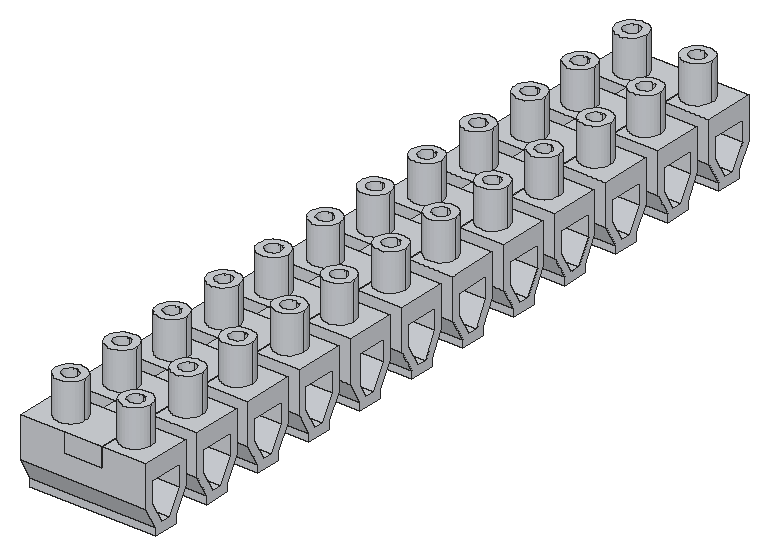
Revit family "CS60A", category Generic Models, Revit 2017
Family settings
  Can host rebar = No
  Round Connector Dimension = Use Diameter
  Part Type = Normal
  Work Plane-Based = Yes
  Always vertical = No
  Cut with Voids When Loaded = No
  Shared = No
  Room Calculation Point = No
Parameters (values of type "NBS Standard Parameters")
  weight = "0.148Kg"
  WarrantyStartDate [instance] = "1900-12-31T23:59:59"
  WarrantyGuarantorParts = "n/a"
  WarrantyGuarantorLabor = "n/a"
  WarrantyDurationUnit = "1 year"
  WarrantyDurationParts = "n/a"
  WarrantyDurationLabor = "n/a"
  WarrantyDescription = "n/a"
  Version = "1"
  Uniclass2 = "Pr_65_72_97_27"
  TagNumber [instance] = "n/a"
  SustainabilityPerformance = "n/a"
  Size = "60 Amp"
  Shape = "Rectangular"
  SerialNumber [instance] = "n/a"
  Revision = "n/a"
  ReplacementCost = "n/a"
  ProductInformation = "www.metpro.co.uk/pdf/cs60a.pdf"
  NominalWidth = 35 mm
  NominalLength = 201 mm
  NominalHeight = 28.8 mm
  Name = ""
  NBSTypeID = ""
  NBSReference = "90-60-25/485"
  NBSOfficeMasterTag = ""
  NBSNote = ""
  NBSDescription = "Electrical Connection Boxes"
  NBSCertification = ""
  ModelReference = "CS60A"
  ModelNumber = "n/a"
  Material = "Polyethylene"
  ManufacturerURL = "www.metpro.co.uk"
  ManufacturerName = "Metpro Ltd"
  Keynote = "Max temperature 80 Degree Celsius"
  InstallationDate [instance] = "1900-12-31T23:59:59"
  IfcExportType = ""
  IfcExportAs = ""
  Grade = "n/a"
  Finish = "Natural"
  Features = "n/a"
  ExpectedLife = "n/a"
  DurationUnit = "year"
  Description = "CS60A - 60 Amp 12 Way Connector Strip"
  Default Elevation = 1219.2 mm
  Constituents = "n/a"
  Color = "n/a"
  CodePerformance = "n/a"
  Category = "n/a"
  BarCode [instance] = "n/a"
  BIMObjectName = "Metpro_metprolibrary_electricalconnectionbox _connectorstrip_polyproplene"
  Author = "Metpro Limited"
  AssetType = ""
  AssetIdentifier [instance] = "n/a"
  AccessibilityPerformance = "n/a"
Reference planes
  plane 1 "Center (Front/Back)": y = 0
  plane 2: z = 0
  plane 3 "Center (Left/Right)": x = 0
Forms (mm)
  Extrusion 1, solid
    sketch origin (-10626.628, 178.929, 19.232) x (0, 1, 0) y (0, 0, 1)
      loop
        line (66.18, 14) -> (66.18, 3) -> (69.538, -2.838) -> (69.538, -4.836) -> (76.287, -4.836) -> (76.287, -2.726) -> (79.58, 3) -> (79.58, 14) -> (66.18, 14)
      loop
        line (68.18, 9) -> (68.18, 3.534) -> (71.538, -2.304) -> (74.223, -2.304) -> (77.58, 3.534) -> (77.58, 9) -> (68.18, 9)
      loop
        line (83.455, 14) -> (83.455, 3) -> (86.813, -2.838) -> (86.813, -4.836) -> (93.562, -4.836) -> (93.562, -2.726) -> (96.855, 3) -> (96.855, 14) -> (83.455, 14)
      loop
        line (85.455, 9) -> (85.455, 3.534) -> (88.813, -2.304) -> (91.498, -2.304) -> (94.855, 3.534) -> (94.855, 9) -> (85.455, 9)
      loop
        line (100.708, 14) -> (100.708, 3) -> (104.066, -2.838) -> (104.066, -4.836) -> (110.815, -4.836) -> (110.815, -2.726) -> (114.108, 3) -> (114.108, 14) -> (100.708, 14)
      loop
        line (102.708, 9) -> (102.708, 3.534) -> (106.066, -2.304) -> (108.751, -2.304) -> (112.108, 3.534) -> (112.108, 9) -> (102.708, 9)
      loop
        line (118.01, 14) -> (118.01, 3) -> (121.368, -2.838) -> (121.368, -4.836) -> (128.117, -4.836) -> (128.117, -2.726) -> (131.41, 3) -> (131.41, 14) -> (118.01, 14)
      loop
        line (120.01, 9) -> (120.01, 3.534) -> (123.368, -2.304) -> (126.053, -2.304) -> (129.41, 3.534) -> (129.41, 9) -> (120.01, 9)
      loop
        line (135.263, 14) -> (135.263, 3) -> (138.621, -2.838) -> (138.621, -4.836) -> (145.37, -4.836) -> (145.37, -2.726) -> (148.663, 3) -> (148.663, 14) -> (135.263, 14)
      loop
        line (138.544, 9) -> (138.544, 1.307) -> (140.621, -2.304) -> (143.306, -2.304) -> (146.663, 3.534) -> (146.663, 9) -> (138.544, 9)
      loop
        line (152.565, 14) -> (152.565, 3) -> (155.922, -2.838) -> (155.922, -4.836) -> (162.672, -4.836) -> (162.672, -2.726) -> (165.965, 3) -> (165.965, 14) -> (152.565, 14)
      loop
        line (154.565, 9) -> (154.565, 3.534) -> (157.922, -2.304) -> (160.607, -2.304) -> (163.965, 3.534) -> (163.965, 9) -> (154.565, 9)
      loop
        line (169.818, 14) -> (169.818, 3) -> (173.175, -2.838) -> (173.175, -4.836) -> (179.925, -4.836) -> (179.925, -2.726) -> (183.218, 3) -> (183.218, 14) -> (169.818, 14)
      loop
        line (171.818, 9) -> (171.818, 3.534) -> (175.175, -2.304) -> (177.86, -2.304) -> (181.218, 3.534) -> (181.218, 9) -> (171.818, 9)
      loop
        line (187.071, 14) -> (187.071, 3) -> (190.428, -2.838) -> (190.428, -4.836) -> (197.178, -4.836) -> (197.178, -2.726) -> (200.471, 3) -> (200.471, 14) -> (187.071, 14)
      loop
        line (189.071, 9) -> (189.071, 3.534) -> (192.428, -2.304) -> (195.113, -2.304) -> (198.471, 3.534) -> (198.471, 9) -> (189.071, 9)
      loop
        line (204.324, 14) -> (204.324, 3) -> (207.682, -2.838) -> (207.682, -4.836) -> (214.431, -4.836) -> (214.431, -2.726) -> (217.724, 3) -> (217.724, 14) -> (204.324, 14)
      loop
        line (206.324, 9) -> (206.324, 3.534) -> (209.682, -2.304) -> (212.367, -2.304) -> (215.724, 3.534) -> (215.724, 9) -> (206.324, 9)
      loop
        line (221.594, 14) -> (221.594, 3) -> (224.952, -2.838) -> (224.952, -4.836) -> (231.701, -4.836) -> (231.701, -2.726) -> (234.994, 3) -> (234.994, 14) -> (221.594, 14)
      loop
        line (223.594, 9) -> (223.594, 3.534) -> (226.952, -2.304) -> (229.637, -2.304) -> (232.994, 3.534) -> (232.994, 9) -> (223.594, 9)
      loop
        line (239.083, 14) -> (239.083, 3) -> (242.44, -2.838) -> (242.44, -4.836) -> (249.19, -4.836) -> (249.19, -2.726) -> (252.483, 3) -> (252.483, 14) -> (239.083, 14)
      loop
        line (241.083, 9) -> (241.083, 3.534) -> (244.44, -2.304) -> (247.125, -2.304) -> (250.483, 3.534) -> (250.483, 9) -> (241.083, 9)
      loop
        line (256.399, 14) -> (256.399, 3) -> (259.757, -2.838) -> (259.757, -4.836) -> (266.506, -4.836) -> (266.506, -2.726) -> (269.799, 3) -> (269.799, 14) -> (256.399, 14)
      loop
        line (258.399, 9) -> (258.399, 3.534) -> (261.757, -2.304) -> (264.442, -2.304) -> (267.799, 3.534) -> (267.799, 9) -> (258.399, 9)
    from -19.878 to 14.122
  Extrusion 2, solid
    sketch origin (-10626.628, 314.192, 33.232) x (0, 1, 0) y (-1, 0, 0)
      loop
        line (134.536, -2.122) -> (134.536, 7.878) -> (-69.083, 7.878) -> (-69.083, -2.122) -> (134.536, -2.122)
    from 0 to -5
  Extrusion 3, solid
    sketch origin (-10626.628, 314.192, 33.232) x (0, 1, 0) y (-1, 0, 0)
      loop
        circle (-62.279, -6.006) r 4
      loop
        circle (-62.279, -6.006) r 2.115
      loop
        circle (-62.279, 11.762) r 4
      loop
        circle (-62.279, 11.762) r 2.115
      loop
        circle (-44.821, -6.006) r 4
      loop
        circle (-44.821, -6.006) r 2.115
      loop
        circle (-44.821, 11.762) r 4
      loop
        circle (-44.821, 11.762) r 2.115
      loop
        circle (-10.441, -6.006) r 4
      loop
        circle (-10.441, -6.006) r 2.115
      loop
        circle (-10.441, 11.762) r 4
      loop
        circle (-10.441, 11.762) r 2.115
      loop
        circle (-27.899, -6.006) r 4
      loop
        circle (-27.899, -6.006) r 2.115
      loop
        circle (-27.899, 11.762) r 4
      loop
        circle (-27.899, 11.762) r 2.115
      loop
        circle (58.245, -6.006) r 4
      loop
        circle (58.245, -6.006) r 2.115
      loop
        circle (58.245, 11.762) r 4
      loop
        circle (58.245, 11.762) r 2.115
      loop
        circle (40.787, -6.006) r 4
      loop
        circle (40.787, -6.006) r 2.115
      loop
        circle (40.787, 11.762) r 4
      loop
        circle (40.787, 11.762) r 2.115
      loop
        circle (6.406, -6.006) r 4
      loop
        circle (6.406, -6.006) r 2.115
      loop
        circle (6.406, 11.762) r 4
      loop
        circle (6.406, 11.762) r 2.115
      loop
        circle (23.865, -6.006) r 4
      loop
        circle (23.865, -6.006) r 2.115
      loop
        circle (23.865, 11.762) r 4
      loop
        circle (23.865, 11.762) r 2.115
      loop
        circle (75.667, -6.006) r 4
      loop
        circle (75.667, -6.006) r 2.115
      loop
        circle (75.667, 11.762) r 4
      loop
        circle (75.667, 11.762) r 2.115
      loop
        circle (93.125, -6.006) r 4
      loop
        circle (93.125, -6.006) r 2.115
      loop
        circle (93.125, 11.762) r 4
      loop
        circle (93.125, 11.762) r 2.115
      loop
        circle (127.505, -6.006) r 4
      loop
        circle (127.505, -6.006) r 2.115
      loop
        circle (127.505, 11.762) r 4
      loop
        circle (127.505, 11.762) r 2.115
      loop
        circle (110.047, -6.006) r 4
      loop
        circle (110.047, -6.006) r 2.115
      loop
        circle (110.047, 11.762) r 4
      loop
        circle (110.047, 11.762) r 2.115
    from 0 to 10
Dimensions and locks
  aligned and locked: level to plane 2
